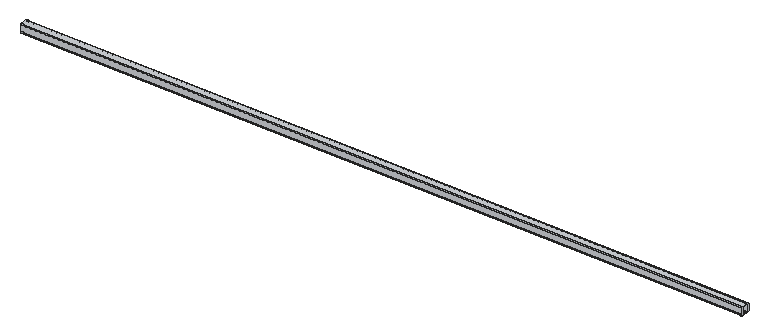
Revit family "3FR_63_UN_SM_Track 3Phase_ETK", category Lighting Fixtures, Revit 2019
Family settings
  Round Connector Dimension = Use Diameter
  Part Type = Normal
  Work Plane-Based = No
  Always vertical = No
  Cut with Voids When Loaded = No
  Light Source = No
  Shared = No
  Room Calculation Point = No
Parameters (values of type "3FR.1300.xx")
  ⌂ Powered by IVLibrary = "www.ivlibrary.com"
  Wattage Comments = ""
  URL = "https://platform.ivlibrary.com/"
  Type Comments = ""
  Model = "3FR"
  Manufacturer = "ETK"
  Luminaire Code = ""
  Length = 3000 mm
  Lamp = ""
  IfcExportType = "POINTSOURCE"
  IfcExportAs = "IfcLightFixtureType"
  Description = "Track 3 Phases"
  built-in parameter 1140040 [instance] = 1
  Assembly Code = "63.00"
  Article Number = ""
  Apparent Load = 0 VA
Types (3, lengths in mm): name | Length
  (no name) | 3000
  3FR.1100.xx | 1000
  3FR.1300.xx | 3000
Reference planes
  plane 1 "Center (Front/Back)": y = 0
  plane 2: z = 0
  plane 3 "Center (Left/Right)": x = 0
  plane 4: x = 0.044
Forms (mm)
  Extrusion 1, solid
    sketch origin (0, 0, 32.5) x (0, 1, 0) y (0, 0, 1)
      loop
        line (13.75, 0) -> (-13.75, 0)
        arc (-13.75, 0) -> (-15.164, -0.586) -> (-15.75, -2) r 2
        line (-15.75, -2) -> (-15.75, -30.5)
        arc (-15.75, -30.5) -> (-15.164, -31.914) -> (-13.75, -32.5) r 2
        line (-13.75, -32.5) -> (-8.75, -32.5) -> (-8.75, -31.5) -> (-13.75, -31.5)
        arc (-13.75, -31.5) -> (-14.457, -31.207) -> (-14.75, -30.5) r 1
        line (-14.75, -30.5) -> (-14.75, -2)
        arc (-14.75, -2) -> (-14.457, -1.293) -> (-13.75, -1) r 1
        line (-13.75, -1) -> (13.75, -1)
        arc (13.75, -1) -> (14.457, -1.293) -> (14.75, -2) r 1
        line (14.75, -2) -> (14.75, -30.5)
        arc (14.75, -30.5) -> (14.457, -31.207) -> (13.75, -31.5) r 1
        line (13.75, -31.5) -> (8.75, -31.5) -> (8.75, -32.5) -> (13.75, -32.5)
        arc (13.75, -32.5) -> (15.164, -31.914) -> (15.75, -30.5) r 2
        line (15.75, -30.5) -> (15.75, -2)
        arc (15.75, -2) -> (15.164, -0.586) -> (13.75, 0) r 2
    from 0.044 to 3000.044
Dimensions and locks
  "Length": plane 4 to Extrusion 1
  aligned and locked: level to plane 2
  aligned and locked: Extrusion 1 to plane 4
Automatic sketch dimensions
  Extrusion 1 sketch curve to Extrusion 1 sketch curve = 0 mm  (x8)
  level to Extrusion 1 sketch curve = 32.5 mm
  plane 1 "Center (Front/Back)" to Extrusion 1 sketch curve = 15.75 mm
  Extrusion 1 sketch curve to Extrusion 1 sketch curve = 1 mm  (x5)
  Extrusion 1 sketch curve to Extrusion 1 sketch curve = 5 mm  (x2)
  Extrusion 1 sketch curve to plane 1 "Center (Front/Back)" = 8.75 mm
  Extrusion 1 sketch curve to plane 1 "Center (Front/Back)" = 13.75 mm
  Extrusion 1 sketch curve to Extrusion 1 sketch curve = 28.5 mm
Connectors
  electrical at (0.044, 0, 13.1), driven by "Apparent Load"
    settings: on Extrusion 1, index 1, voltage 230 V, apparent load 0 VA, apparent load phase1 0 VA, apparent load phase2 0 VA, apparent load phase3 0 VA, power factor 1, load classification "Other", number of poles 1, system type 31, power factor state 1, is connector primary yes, connector utility no, sub classification motor no, connector description ""
